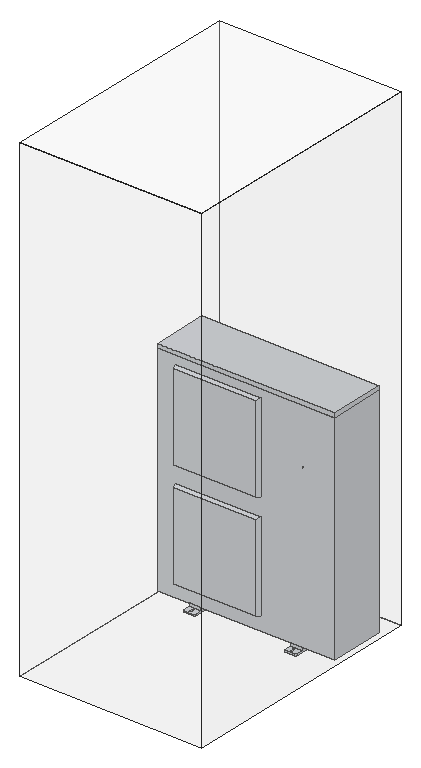
Revit family "pusy-fp80_280smh2_50hz", category 機械設備, Revit 2019
Family settings
  丸型コネクタ寸法 = 直径を使用
  パーツ タイプ = 標準
  OmniClass 番号 = 23.75.10.24.21.27.27
  OmniClass タイトル = Split System Air Conditioning Units
  作業面ベース = いいえ
  常に垂直 = はい
  ロード時にボイドで切り取り = いいえ
  共有 = いいえ
  部屋計算ポイント = いいえ
Parameters (values of type "室外機_PUSY-FP80SMH2(-BS,BSG)")
  音響パワーレベル（冷）(dB) = 70
  音響パワーレベル(dB) = 70
  電源種別 = ""
  電源位置Y = 2 mm
  電源位置Z = 985 mm
  電源位置X = 325 mm
  電圧 = 200 V
  電動機出力_送風機 = 0.12 kW
  電動機出力_圧縮機 = 1.7 kW
  集中コントローラ [instance] = ""
  運転質量 = 0.00 kg
  運転方法 = "冷暖切替"
  質量 = if(製品質量 > 運転質量, 製品質量, 運転質量) * 1.2  # 147.60 kg
  負荷分類 = 1_熱源類
  説明 = "空冷H/P PAC インバータ室外機"
  設計暖房能力 [instance] = 0 kW
  設計冷房能力_顕熱 [instance] = 0 kW
  設計冷房能力 [instance] = 0 kW
  設置方法 = "床置形"
  記号 [instance] = ""
  製造元 = "三菱電機株式会社"
  製品質量 = 123.00 kg
  製品出荷対象 = "国内"
  製品リリース年月 = "2022/9/15"
  製品グループ = ""
  系統 [instance] = ""
  符号 = "PAC"
  積算_科目 = "1 空気調和設備"
  積算_拾い区分 [instance] = ""
  相 = 1
  盤記号 [instance] = ""
  発停方法 = "付属スイッチ"
  特殊仕様 [instance] = ""
  消費電力_暖房 = 1.68 kW
  消費電力_冷房 = 1.48 kW
  消費電力 = if(消費電力_冷房 > 消費電力_暖房, 消費電力_冷房, 消費電力_暖房)  # 1.68 kW
  法定耐用年数 = "6"
  構成品番 = "PUSY-FP80SMH2 (-BS,-BSG)"
  極数 = 1
  材質 [instance] = ""
  本体マテリアル = none
  最小電線太さ_mm2 = 5.5
  最大電流値 = 27.5 A
  暖房能力 = 8 kW
  推奨ブレーカー容量 = 30 A
  据付ピッチ1 = 0 mm
  形式 = "パッケージ形 室外機"
  形名 = PUZ-ZRMP-3 : PUZ-ZRMP112KA11
  幹線記号 [instance] = ""
  始動方式 = "インバータ始動方式"
  呼称 = "パッケージ形空気調和機_室外機"
  周波数 = 50 Hz
  冷媒管（液）位置Z = 485 mm
  冷媒管位置Z_上面 = 565 mm
  冷媒管（ガス）位置Z = 420 mm
  冷媒液管_半径 = (冷媒液管径) / 2  # 4.76 mm
  冷媒ガス管_半径 = (冷媒ガス管径) / 2  # 7.94 mm
  価格 = 0
  ドレン　位置Z = 23 mm
  ドレン　位置Y = 11 mm
  ドレン　位置X = 480 mm
  アンカーボルト位置Y = 370 mm
  アンカーボルト位置X = 600 mm
  参照している仕様書等のバージョン = "公共建築物標準仕様書（機械設備工事編）平成31年度版"
  分類コード = "50053003126100"
  分類グループ = ""
  冷房能力 = 7.1 kW
  冷媒管（ガス）位置X = 483 mm
  冷媒管（液）位置X = 422 mm
  冷媒管（液）位置Y = 125 mm
  冷媒管（ガス）位置Y = 109 mm
  冷媒管長 [instance] = 0 mm
  冷媒管径符号 = "Bd"
  冷媒管径 = 100.00 mm
  冷媒管位置Z = 420 mm
  冷媒管位置Y = 111 mm
  冷媒管位置X = (冷媒管（液）位置X + 冷媒管（ガス）位置X) / 2  # 452.5 mm
  冷媒液管径 = 9.52 mm
  冷媒ガス管径 = 15.88 mm
  企業コード = "108420"
  付属品 [instance] = ""
  仕様書バージョン = "Version1.0"
  ユニット数 = 1
  ユニット3 = yes
  ユニット2 = yes
  Model = ""
  ドレン管径 = 33.00 mm
  サービススペース = yes
  コメント [instance] = ""
  ケーブル種類1 = ""
  【値が 0 の項目は組合せ形名にてご確認ください】 = ""
  Width = 1050 mm
  Version = ""
  Uniclass2015Version = "Systems v1.9"
  Uniclass2015Title = "Split coil remote air cooled condensing units"
  Uniclass2015Code = "Pr_70_65_03_84"
  URL = "https://www.mitsubishielectric.co.jp/ldg/wink/ssl/displayProduct.do?pid=321184"
  SpecificationReference = ""
  SpecificationDescription = ""
  Revision = ""
  ProductInformation = ""
  OmniClassCode = "23-33 17 13 11"
  IfcTypeProduct = ""
  IfcProduct = ""
  IfcExportType = "AIRCONDITIONINGUNIT"
  IfcExportAs = "IfcUnitaryEquipmentType"
  Height = 1338 mm
  Depth = 330 mm
  Clearance Top = 1500 mm
  Clearance Right = 15 mm
  Clearance Left = 15 mm
  Clearance Front = 1000 mm
  Clearance Bottom = 0 mm
  Clearance Back = 150 mm
  COP = 0
  Author = "三菱電機株式会社"
  APF = 0
Reference planes
  plane 1 "中心(正面/背面)": y = 74
  plane 2: z = 0
  plane 3 "中心(左/右)": x = 830
  plane 4 "右": x = 1355
  plane 5 "左": x = 305
  plane 6 "背面": y = 239
  plane 7 "正面": y = -91
  plane 8 "上部": z = 1338
  plane 9 "Clearanse Top": z = 2838
  plane 10 "SS_back": y = 389
  plane 11 "SS_front": y = -1091
  plane 12 "SS_left": x = 290
  plane 13 "SS_right": x = 1370
  plane 14: z = 0
  plane 15: y = -89
  plane 16: x = 1155
  plane 17: z = 985
  plane 18: x = 1282.5
  plane 19: y = 63
  plane 20: x = 350
  plane 21: z = 25
  plane 22: z = 23
  plane 23: x = 530
  plane 24: x = 1130
  plane 25: y = 259
  plane 26: y = -111
  plane 27: x = 1313
  plane 28: x = 1252
  plane 29 "ガス管": z = 420
  plane 30 "液管": z = 485
  plane 31: y = -51
  plane 32: y = -35
  plane 33 "冷媒管": z = 420
  plane 34: y = -37
  plane 35: z = 565
Forms (mm)
  Extrusion 1, solid, detail levels fine
    sketch origin (0, -91, 0) x (1, 0, 0) y (0, 0, 1)
      loop
        circle (1155, 985) r 13.5
    from -12 to -2
  Extrusion 2, solid, detail levels fine
    sketch origin (-1437.329, -1524, 54) x (-1, 0, 0) y (0, -1, 0)
      loop
        circle (-1787.329, -1587) r 16.5
    from -31 to -29
  Extrusion 3, solid, detail levels fine
    sketch origin (0, 0, 485) x (-1, 0, 0) y (0, -1, 0)
      loop
        circle (-1252, 51) r 4.76
    from 0 to 80
  Extrusion 4, solid, detail levels fine
    sketch origin (0, 0, 420) x (-1, 0, 0) y (0, -1, 0)
      loop
        circle (-1313, 35) r 7.94
    from 0 to 100
  Extrusion 5, solid, detail levels fine
    sketch origin (0, 0, 420) x (-1, 0, 0) y (0, -1, 0)
      loop
        circle (-1282.5, 37) r 50
    from 0 to 145
Lines and regions (mm)
  model lines, not visible
    curve 1: line (460, 178.667, 1289.179) -> (460, 297.73, 1289.179)
    curve 2: line (460, 178.667, 1056.056) -> (460, 178.667, 1289.179)
    curve 3: line (460, 297.73, 1056.056) -> (460, 178.667, 1056.056)
    curve 4: line (460, 297.73, 1289.179) -> (460, 297.73, 1056.056)
    curve 5: line (460, 47.598, 1289.179) -> (460, 166.661, 1289.179)
    curve 6: line (460, 47.598, 1056.056) -> (460, 47.598, 1289.179)
    curve 7: line (460, 166.661, 1056.056) -> (460, 47.598, 1056.056)
    curve 8: line (460, 166.661, 1289.179) -> (460, 166.661, 1056.056)
    curve 9: line (460, -83.471, 1289.179) -> (460, 35.592, 1289.179)
    curve 10: line (460, -83.471, 1056.056) -> (460, -83.471, 1289.179)
    curve 11: line (460, 35.592, 1056.056) -> (460, -83.471, 1056.056)
    curve 12: line (460, 35.592, 1289.179) -> (460, 35.592, 1056.056)
    curve 13: line (460, -150.779, 1289.179) -> (460, -95.75, 1289.179)
    curve 14: line (460, -150.779, 1056.056) -> (460, -150.779, 1289.179)
    curve 15: line (460, -95.75, 1056.056) -> (460, -150.779, 1056.056)
    curve 16: line (460, -95.75, 1289.179) -> (460, -95.75, 1056.056)
    curve 17: line (460, -150.779, 1283.175) -> (460, -132.596, 1283.175)
    curve 18: line (460, -150.779, 1062.059) -> (460, -150.779, 1283.175)
    curve 19: line (460, -132.596, 1062.059) -> (460, -150.779, 1062.059)
    curve 20: line (460, -132.596, 1283.175) -> (460, -132.596, 1062.059)
    curve 21: line (460, 178.667, 1046.051) -> (460, 297.73, 1046.051)
    curve 22: line (460, 178.667, 812.928) -> (460, 178.667, 1046.051)
    curve 23: line (460, 297.73, 812.928) -> (460, 178.667, 812.928)
    curve 24: line (460, 297.73, 1046.051) -> (460, 297.73, 812.928)
    curve 25: line (460, 47.598, 1046.051) -> (460, 166.661, 1046.051)
    curve 26: line (460, 47.598, 812.928) -> (460, 47.598, 1046.051)
    curve 27: line (460, 166.661, 812.928) -> (460, 47.598, 812.928)
    curve 28: line (460, 166.661, 1046.051) -> (460, 166.661, 812.928)
    curve 29: line (460, -83.471, 1046.051) -> (460, 35.592, 1046.051)
    curve 30: line (460, -83.471, 812.928) -> (460, -83.471, 1046.051)
    curve 31: line (460, 35.592, 812.928) -> (460, -83.471, 812.928)
    curve 32: line (460, 35.592, 1046.051) -> (460, 35.592, 812.928)
    curve 33: line (460, -150.779, 1046.051) -> (460, -95.75, 1046.051)
    curve 34: line (460, -150.779, 812.928) -> (460, -150.779, 1046.051)
    curve 35: line (460, -95.75, 812.928) -> (460, -150.779, 812.928)
    curve 36: line (460, -95.75, 1046.051) -> (460, -95.75, 812.928)
    curve 37: line (460, -150.779, 1040.048) -> (460, -132.596, 1040.048)
    curve 38: line (460, -150.779, 818.931) -> (460, -150.779, 1040.048)
    curve 39: line (460, -132.596, 818.931) -> (460, -150.779, 818.931)
    curve 40: line (460, -132.596, 1040.048) -> (460, -132.596, 818.931)
    curve 41: line (460, 178.667, 802.923) -> (460, 297.73, 802.923)
    curve 42: line (460, 178.667, 569.8) -> (460, 178.667, 802.923)
    curve 43: line (460, 297.73, 569.8) -> (460, 178.667, 569.8)
    curve 44: line (460, 297.73, 802.923) -> (460, 297.73, 569.8)
    curve 45: line (460, 47.598, 802.923) -> (460, 166.661, 802.923)
    curve 46: line (460, 47.598, 569.8) -> (460, 47.598, 802.923)
    curve 47: line (460, 166.661, 569.8) -> (460, 47.598, 569.8)
    curve 48: line (460, 166.661, 802.923) -> (460, 166.661, 569.8)
    curve 49: line (460, -83.471, 802.923) -> (460, 35.592, 802.923)
    curve 50: line (460, -83.471, 569.8) -> (460, -83.471, 802.923)
    curve 51: line (460, 35.592, 569.8) -> (460, -83.471, 569.8)
    curve 52: line (460, 35.592, 802.923) -> (460, 35.592, 569.8)
    curve 53: line (460, -150.779, 802.923) -> (460, -95.75, 802.923)
    curve 54: line (460, -150.779, 569.8) -> (460, -150.779, 802.923)
    curve 55: line (460, -95.75, 569.8) -> (460, -150.779, 569.8)
    curve 56: line (460, -95.75, 802.923) -> (460, -95.75, 569.8)
    curve 57: line (460, -150.779, 796.92) -> (460, -132.596, 796.92)
    curve 58: line (460, -150.779, 575.803) -> (460, -150.779, 796.92)
    curve 59: line (460, -132.596, 575.803) -> (460, -150.779, 575.803)
    curve 60: line (460, -132.596, 796.92) -> (460, -132.596, 575.803)
    curve 61: line (460, 178.667, 559.795) -> (460, 297.73, 559.795)
    curve 62: line (460, 178.667, 326.672) -> (460, 178.667, 559.795)
    curve 63: line (460, 297.73, 326.672) -> (460, 178.667, 326.672)
    curve 64: line (460, 297.73, 559.795) -> (460, 297.73, 326.672)
    curve 65: line (460, 47.598, 559.795) -> (460, 166.661, 559.795)
    curve 66: line (460, 47.598, 326.672) -> (460, 47.598, 559.795)
    curve 67: line (460, 166.661, 326.672) -> (460, 47.598, 326.672)
    curve 68: line (460, 166.661, 559.795) -> (460, 166.661, 326.672)
    curve 69: line (460, -83.471, 559.795) -> (460, 35.592, 559.795)
    curve 70: line (460, -83.471, 326.672) -> (460, -83.471, 559.795)
    curve 71: line (460, 35.592, 326.672) -> (460, -83.471, 326.672)
    curve 72: line (460, 35.592, 559.795) -> (460, 35.592, 326.672)
    curve 73: line (460, -150.779, 559.795) -> (460, -95.75, 559.795)
    curve 74: line (460, -150.779, 326.672) -> (460, -150.779, 559.795)
    curve 75: line (460, -95.75, 326.672) -> (460, -150.779, 326.672)
    curve 76: line (460, -95.75, 559.795) -> (460, -95.75, 326.672)
    curve 77: line (460, -150.779, 553.792) -> (460, -132.596, 553.792)
    curve 78: line (460, -150.779, 332.675) -> (460, -150.779, 553.792)
    curve 79: line (460, -132.596, 332.675) -> (460, -150.779, 332.675)
    curve 80: line (460, -132.596, 553.792) -> (460, -132.596, 332.675)
    curve 81: line (460, 178.667, 316.667) -> (460, 297.73, 316.667)
    curve 82: line (460, 178.667, 83.544) -> (460, 178.667, 316.667)
    curve 83: line (460, 297.73, 83.544) -> (460, 178.667, 83.544)
    curve 84: line (460, 297.73, 316.667) -> (460, 297.73, 83.544)
    curve 85: line (460, 47.598, 316.667) -> (460, 166.661, 316.667)
    curve 86: line (460, 47.598, 83.544) -> (460, 47.598, 316.667)
    curve 87: line (460, 166.661, 83.544) -> (460, 47.598, 83.544)
    curve 88: line (460, 166.661, 316.667) -> (460, 166.661, 83.544)
    curve 89: line (460, -83.471, 316.667) -> (460, 35.592, 316.667)
    curve 90: line (460, -83.471, 83.544) -> (460, -83.471, 316.667)
    curve 91: line (460, 35.592, 83.544) -> (460, -83.471, 83.544)
    curve 92: line (460, 35.592, 316.667) -> (460, 35.592, 83.544)
    curve 93: line (460, -150.779, 316.667) -> (460, -95.75, 316.667)
    curve 94: line (460, -150.779, 83.544) -> (460, -150.779, 316.667)
    curve 95: line (460, -95.75, 83.544) -> (460, -150.779, 83.544)
    curve 96: line (460, -95.75, 316.667) -> (460, -95.75, 83.544)
    curve 97: line (460, -150.779, 310.664) -> (460, -132.596, 310.664)
    curve 98: line (460, -150.779, 89.547) -> (460, -150.779, 310.664)
    curve 99: line (460, -132.596, 89.547) -> (460, -150.779, 89.547)
    curve 100: line (460, -132.596, 310.664) -> (460, -132.596, 89.547)
Dimensions and locks
  equal spacing: plane 7 "正面", plane 1 "中心(正面/背面)", plane 6 "背面"
  "Depth": plane 7 "正面" to plane 6 "背面"
  "Width": plane 5 "左" to plane 4 "右"
  equal spacing: plane 5 "左", plane 3 "中心(左/右)", plane 4 "右"
  "Clearance Left": plane 12 "SS_left" to plane 5 "左"
  "Clearance Right": plane 4 "右" to plane 13 "SS_right"
  "Clearance Back": plane 6 "背面" to plane 10 "SS_back"
  "Clearance Front": plane 11 "SS_front" to plane 7 "正面"
  "Height": plane 8 "上部" to level
  "Clearance Top": plane 9 "Clearanse Top" to plane 8 "上部"
  "Clearance Bottom": level to plane 14
  "電源位置X": plane 3 "中心(左/右)" to plane 16
  "電源位置Y": plane 7 "正面" to plane 15
  "電源位置Z": plane 17 to level
  "冷媒管位置X": plane 3 "中心(左/右)" to plane 18
  locked: plane 21 to plane 22 at 2
  equal spacing: plane 26, plane 1 "中心(正面/背面)", plane 25
  "アンカーボルト位置Y": plane 26 to plane 25
  equal spacing: plane 23, plane 3 "中心(左/右)", plane 24
  "アンカーボルト位置X": plane 23 to plane 24
  plane 28 to plane 27 = 61 mm
  "冷媒管（液）位置X": nested 1 to plane 28
  "冷媒管（ガス）位置X": nested 1 to plane 27
  "ドレン　位置Y": plane 19 to plane 1 "中心(正面/背面)"
  "ドレン　位置X": plane 20 to nested 1
  plane 25 to nested 2 = 19 mm
  nested 2 to plane 7 "正面" = 25 mm
  plane 5 "左" to plane 23 = 225 mm
  nested 2 to plane 26 = 28 mm
  nested 2 to nested 2 = 417 mm
  plane 7 "正面" to plane 19 = 154 mm
  plane 7 "正面" to plane 31 = 40 mm
  plane 7 "正面" to plane 32 = 56 mm
  plane 28 to plane 18 to plane 27 = 30.5 mm, 30.5 mm
  "冷媒管（ガス）位置Y": plane 32 to plane 1 "中心(正面/背面)"
  "冷媒管（液）位置Y": plane 31 to plane 1 "中心(正面/背面)"
  "冷媒管（ガス）位置Z": plane 29 "ガス管" to level
  "冷媒管（液）位置Z": plane 30 "液管" to level
  "冷媒管位置Z": plane 33 "冷媒管" to level
  "冷媒管位置Y": plane 34 to plane 1 "中心(正面/背面)"
  "冷媒管位置Z_上面": plane 35 to level
  radius of Extrusion 1 sketch curve = 13.5 mm
  "ドレン管径": diameter of Extrusion 2 sketch curve
  "冷媒液管_半径": radius of Extrusion 3 sketch curve
  "冷媒ガス管_半径": radius of Extrusion 4 sketch curve
  aligned and locked: level to plane 2
  aligned and locked: plane 10 "SS_back" to nested 1  (x2)
  aligned and locked: plane 13 "SS_right" to nested 1
  aligned and locked: plane 12 "SS_left" to nested 1  (x2)
  aligned and locked: nested 1 to plane 13 "SS_right"
  aligned and locked: plane 11 "SS_front" to nested 1
  aligned and locked: plane 9 "Clearanse Top" to nested 1
  aligned and locked: plane 1 "中心(正面/背面)" to nested 2
  aligned and locked: plane 3 "中心(左/右)" to nested 2
  aligned and locked: plane 14 to nested 1
  aligned and locked: plane 17 to Extrusion 1 sketch curve
  aligned and locked: plane 16 to Extrusion 1 sketch curve
  aligned and locked: plane 15 to Extrusion 1
  aligned and locked: plane 20 to Extrusion 2 sketch curve
  aligned and locked: plane 19 to Extrusion 2 sketch curve
  aligned and locked: plane 21 to Extrusion 2
  aligned and locked: Extrusion 2 to plane 22
  aligned and locked: plane 23 to nested 3
  aligned and locked: plane 25 to nested 3
  aligned and locked: Extrusion 4 to plane 29 "ガス管"
  aligned and locked: Extrusion 3 to plane 30 "液管"
  aligned and locked: Extrusion 5 to plane 33 "冷媒管"
  aligned and locked: plane 35 to Extrusion 5
Automatic sketch dimensions
  Extrusion 5 sketch curve to plane 18 = 0 mm
  plane 34 to Extrusion 5 sketch curve = 0 mm
  Extrusion 3 sketch curve to plane 28 = 0 mm
  plane 31 to Extrusion 3 sketch curve = 0 mm
  Extrusion 4 sketch curve to plane 27 = 0 mm
  plane 32 to Extrusion 4 sketch curve = 0 mm
  radius of Extrusion 5 sketch curve = 50 mm
Nested families
  nested 1: "サービススペース" at (830, -351, 1419), visible <- "サービススペース", type "サービススペース"
    with Width 1080 mm, Height 2838 mm, Depth 1480 mm
  nested 2: "PUZ-ZRMP-3" at (830, 74, 0), type <- "形名", type "PUZ-ZRMP112KA11"
  nested 3: "固定点" at (530, -111, 0), type "固定点"
    with W 600 mm, D 370 mm
Connectors
  electrical at (1155, -89, 985), driven by "極数", driven by "負荷分類", driven by "電圧", driven by "消費電力"
    settings: on Extrusion 1, index 2, voltage 200 V, apparent load 1680 VA, apparent load phase1 0 VA, apparent load phase2 0 VA, apparent load phase3 0 VA, power factor 1, load classification "1_熱源類", number of poles 1, system type 30, power factor state 1, is connector primary yes, connector utility no, sub classification motor no, connector description ""
  piping at (1282.5, -37, 420), diameter 100, driven by "冷媒管径"
    settings: on Extrusion 5, index 3, connector inside diameter 609.60 mm, connector length 0 mm, flow factor 0, pipe flow 0.0 L/s, pressure drop 0.0 Pa, fitting loss kfactor 0, connector angle 0.00°, fixture units 0, engagement length 0 mm, angle of deflection 0.00°, flow configuration 1, flow direction 2, fitting loss method 4, system type 7, joint type 0, gender type 0, connector reference index -1, connector utility 0, adjustable connector no, is connector primary yes, connector description "Bd"
Definition of nested family "サービススペース"
  Parameters (values of type "サービススペース")
    Width [instance] = 500 mm
    Height [instance] = 500 mm
    Depth [instance] = 500 mm
  Reference planes
    plane 1 "中心(正面/背面)": y = 0
    plane 2: z = 0
    plane 3 "中心(左/右)": x = 0
    plane 4: y = -250
    plane 5: x = 250
    plane 6: y = 250
    plane 7: x = -250
    plane 8: z = 250
    plane 9: z = -250
  Forms (mm)
    Extrusion 1, solid
      sketch origin (-638.939, 0, 72.39) x (1, 0, 0) y (0, 1, 0)
        loop
          line (388.939, 250) -> (388.939, -250) -> (888.939, -250) -> (888.939, 250) -> (388.939, 250)
      from -322.39 to 177.61
  Lines and regions (mm)
    symbolic lines
      curve 1: line (-250, 0, 250) -> (250, 0, 250)
      curve 2: line (-250, 0, -250) -> (-250, 0, 250)
      curve 3: line (250, 0, -250) -> (-250, 0, -250)
      curve 4: line (250, 0, 250) -> (250, 0, -250)
      curve 5: line (0, -250, 250) -> (0, 250, 250)
      curve 6: line (0, -250, -250) -> (0, -250, 250)
      curve 7: line (0, 250, -250) -> (0, -250, -250)
      curve 8: line (0, 250, 250) -> (0, 250, -250)
      curve 9: line (-250, 250, 0) -> (250, 250, 0)
      curve 10: line (-250, -250, 0) -> (-250, 250, 0)
      curve 11: line (250, -250, 0) -> (-250, -250, 0)
      curve 12: line (250, 250, 0) -> (250, -250, 0)
  Dimensions and locks
    equal spacing: plane 7, plane 3 "中心(左/右)", plane 5
    equal spacing: plane 4, plane 1 "中心(正面/背面)", plane 6
    "Depth": plane 4 to plane 6
    "Width": plane 7 to plane 5
    equal spacing: plane 8, plane 2, plane 9
    "Height": plane 8 to plane 9
    aligned and locked: plane 9 to curve 3
    aligned and locked: plane 7 to curve 2
    aligned and locked: curve 4 to plane 5
    aligned and locked: plane 5 to Extrusion 1
    aligned and locked: Extrusion 1 to plane 7
    aligned and locked: Extrusion 1 to plane 9
    aligned and locked: plane 8 to Extrusion 1
    aligned and locked: plane 9 to curve 7
  Automatic sketch dimensions
    plane 4 to Extrusion 1 sketch curve = 0 mm
    Extrusion 1 sketch curve to plane 7 = 0 mm
    Extrusion 1 sketch curve to plane 5 = 0 mm
    plane 6 to Extrusion 1 sketch curve = 0 mm
    curve 2 to plane 8 = 0 mm
    plane 4 to curve 11 = 0 mm
    curve 11 to plane 7 = 0 mm
    curve 11 to plane 5 = 0 mm
    plane 6 to curve 10 = 0 mm
    curve 7 to plane 4 = 0 mm
    curve 7 to plane 6 = 0 mm
    curve 6 to plane 8 = 0 mm
Definition of nested family "PUZ-ZRMP-3"
  Parameters (values of type "PUZ-ZRMP112KA11")
    配線取出口サイズ = 27 mm
    配線取出口-Z = 1063 mm
    配線取出口-Y = 325 mm
    配線取出口-X = 325 mm
    液配管サイズ = 100 mm
    高さ = 1338 mm
    換気-W = 362 mm
    換気-H2 = 632 mm
    換気-H1 = 369 mm
    換気-D = 25 mm
    奥行き = 330 mm
    吊りボルト_H = 0 mm
    吊りボルト-φ = 12 mm
    冷媒配管サイズ = 9.52 mm
    冷媒液管径-Z = 485 mm
    冷媒液管径-Y = 290 mm
    冷媒液管径-X = 422 mm
    冷媒ガス管径-Z = 420 mm
    冷媒ガス管径-Y = 234 mm
    冷媒ガス管径-X = 483 mm
    吊りボルト-W = 600 mm
    マテリアル = none
    ドレン配管サイズ = 33 mm
    ドレン管径-Z = 0 mm
    ドレン管径-Y = 154 mm
    ドレン管径-X = 480 mm
    タイプ3 = yes
    タイプ2 = no
    タイプ1 = no
    ガス配管サイズ = 15.88 mm
    吊りボルト-D = 370 mm
    幅さ = 1050 mm
    a = 幅さ / 2  # 525 mm
  Types (3, lengths in mm): name | 冷媒配管サイズ | 冷媒液管径-Z | 冷媒液管径-X | 冷媒ガス管径-Z | 冷媒ガス管径-Y | 冷媒ガス管径-X | ガス配管サイズ
    PUZ-ZRMP112KA11 | 9.52 | 485 | 422 | 420 | 234 | 483 | 15.88
    PUZ-ZRMP224KA | 19.05 | 450 | 423 | 337 | 236 | 479 | 25.4
    PUZ-ZRMP280KA | 19.05 | 424 | 423 | 337 | 236 | 479 | 25.4
  Reference planes
    plane 1 "中心(正面/背面)": y = 0
    plane 2: z = 0
    plane 3 "中心(左/右)": x = 0
    plane 4: z = 1338
    plane 5: x = -525
    plane 6: x = 525
    plane 7: y = 165
    plane 8: y = -165
    plane 9: x = 587
    plane 10: y = -105
    plane 11: y = 5
    plane 12: z = 1313
    plane 13: x = -545
    plane 14: x = -300
    plane 15: x = 300
    plane 16: y = 185
    plane 17: y = -185
    plane 18: x = 335
    plane 19: x = 265
    plane 20: x = -265
    plane 21: x = -335
    plane 22: y = 204
    plane 23: z = 8.5
    plane 24: z = 25
    plane 25: z = 23
    plane 26: z = 1333
    plane 27: y = -40
    plane 28: y = 40
    plane 29: y = -30
    plane 30: y = 30
    plane 31: z = 1318
    plane 32: z = 55
    plane 33: z = 225
    plane 34: z = 570
    plane 35: x = 535
    plane 36: x = 556
    plane 37: y = -190
    plane 38: x = -163
    plane 39: z = 369
    plane 40: x = 91
    plane 41: x = -417
    plane 42: z = 633
    plane 43: z = 105
    plane 44: x = -407
    plane 45: x = 81
    plane 46: z = 623
    plane 47: z = 115
    plane 48: y = 115
    plane 49: y = -115
    plane 50: x = -480
    plane 51: y = -11
    plane 52: x = 325
    plane 53: y = -160
    plane 54: y = -125
    plane 55: y = -69
    plane 56: z = 1063
    plane 57: y = -110
    plane 58: y = -97
    plane 59 "グループ": x = -525
    plane 60: z = 1338
    plane 61: z = 943
    plane 62: z = 1001
    plane 63: z = 1265
    plane 64: z = 737
    plane 65: z = 1255
    plane 66: z = 747
    plane 67: y = 125
    plane 68: x = -370
    plane 69: x = -210
    plane 70: x = -50
    plane 71: x = 110
    plane 72: y = -213
  Forms (mm)
    Extrusion 1, solid, visible <- "タイプ3", detail levels fine
      sketch origin (-1437.329, -1524, 1338) x (-1, 0, 0) y (0, -1, 0)
        loop
          line (-1102.329, -1689) -> (-1102.329, -1359) -> (-1172.329, -1359) -> (-1172.329, -1689) -> (-1102.329, -1689)
        loop
          line (-1702.329, -1689) -> (-1702.329, -1359) -> (-1772.329, -1359) -> (-1772.329, -1689) -> (-1702.329, -1689)
      from -1338 to -1313
    Extrusion 2, solid, material <- "マテリアル", visible <- "タイプ3", detail levels fine
      sketch origin (-1437.329, -1524, 1338) x (-1, 0, 0) y (0, -1, 0)
        loop
          line (-1962.329, -1689) -> (-912.329, -1689) -> (-912.329, -1359) -> (-1962.329, -1359) -> (-1962.329, -1689)
      from -1313 to -25
    Extrusion 3, solid, material <- "マテリアル", visible <- "タイプ3", detail levels fine
      sketch origin (-1437.329, -1524, 1338) x (-1, 0, 0) y (0, -1, 0)
        loop
          line (-912.329, -1689) -> (-912.329, -1359) -> (-1962.329, -1359) -> (-1962.329, -1689) -> (-912.329, -1689)
      from -25 to 0
    Blend 4, solid, material <- "マテリアル", visible <- "タイプ3", detail levels fine
      base sketch origin (0, 0, 0) x (1, 0, 0) y (0, 0, 1)
        loop
          line (-417, 633) -> (-417, 105) -> (91, 105) -> (91, 633) -> (-417, 633)
      top sketch origin (0, 0, 0) x (1, 0, 0) y (0, 0, 1)
        loop
          line (-407, 623) -> (-407, 115) -> (81, 115) -> (81, 623) -> (-407, 623)
      from 165 to 190
    Blend 5, solid, material <- "マテリアル", visible <- "タイプ3", detail levels fine
      base sketch origin (1480.036, -190, 1200) x (1, 0, 0) y (0, 0, 1)
        loop
          line (-1897.036, 65) -> (-1897.036, -463) -> (-1389.036, -463) -> (-1389.036, 65) -> (-1897.036, 65)
      top sketch origin (1480.036, -190, 1200) x (1, 0, 0) y (0, 0, 1)
        loop
          line (-1887.036, 55) -> (-1887.036, -453) -> (-1399.036, -453) -> (-1399.036, 55) -> (-1887.036, 55)
      from -25 to 0
    Extrusion 6, solid, visible <- "タイプ3", detail levels fine
      sketch origin (-1437.329, -1524, 1338) x (-1, 0, 0) y (0, -1, 0)
        loop
          line (-1102.329, -1728) -> (-1102.329, -1689) -> (-1172.329, -1689) -> (-1172.329, -1728) -> (-1143.329, -1728) -> (-1143.329, -1709)
          arc (-1143.329, -1709) -> (-1137.329, -1703) -> (-1131.329, -1709) r 6
          line (-1131.329, -1709) -> (-1131.329, -1728) -> (-1102.329, -1728)
        loop
          line (-1102.329, -1359) -> (-1102.329, -1316)
          arc (-1102.329, -1316) -> (-1103.794, -1312.464) -> (-1107.329, -1311) r 5
          line (-1107.329, -1311) -> (-1167.329, -1311)
          arc (-1167.329, -1311) -> (-1170.865, -1312.464) -> (-1172.329, -1316) r 5
          line (-1172.329, -1316) -> (-1172.329, -1359) -> (-1102.329, -1359)
        loop
          arc (-1143.329, -1339) -> (-1137.329, -1345) -> (-1131.329, -1339) r 6
          line (-1131.329, -1339) -> (-1131.329, -1324)
          arc (-1131.329, -1324) -> (-1137.329, -1318) -> (-1143.329, -1324) r 6
          line (-1143.329, -1324) -> (-1143.329, -1339)
        loop
          line (-1772.329, -1728) -> (-1743.329, -1728) -> (-1743.329, -1709)
          arc (-1743.329, -1709) -> (-1737.329, -1703) -> (-1731.329, -1709) r 6
          line (-1731.329, -1709) -> (-1731.329, -1728) -> (-1702.329, -1728) -> (-1702.329, -1689) -> (-1772.329, -1689) -> (-1772.329, -1728)
        loop
          line (-1772.329, -1359) -> (-1702.329, -1359) -> (-1702.329, -1316)
          arc (-1702.329, -1316) -> (-1703.794, -1312.464) -> (-1707.329, -1311) r 5
          line (-1707.329, -1311) -> (-1767.329, -1311)
          arc (-1767.329, -1311) -> (-1770.865, -1312.464) -> (-1772.329, -1316) r 5
          line (-1772.329, -1316) -> (-1772.329, -1359)
        loop
          line (-1731.329, -1339) -> (-1731.329, -1324)
          arc (-1731.329, -1324) -> (-1737.329, -1318) -> (-1743.329, -1324) r 6
          line (-1743.329, -1324) -> (-1743.329, -1339)
          arc (-1743.329, -1339) -> (-1737.329, -1345) -> (-1731.329, -1339) r 6
      from -1338 to -1329.5
    Extrusion 7, solid, material <- "マテリアル", visible <- "タイプ3", detail levels fine
      sketch origin (-1437.329, -1524, 1338) x (-1, 0, 0) y (0, -1, 0)
        loop
          circle (-957.329, -1513) r 16.5
        loop
          circle (-1067.329, -1649) r 16.5
        loop
          circle (-1227.329, -1649) r 16.5
        loop
          circle (-1387.329, -1649) r 16.5
        loop
          circle (-1547.329, -1649) r 16.5
      from -1315 to -1313
  Cuts and joins
    joined: Extrusion 1, Extrusion 6
  Lines and regions (mm)
    Masking region 1, visible <- "タイプ3", detail levels coarse+medium
      outline origin (-1437.329, -1524, 1338) x (-1, 0, 0) y (0, -1, 0)
        loop
          line (-1962.329, -1689) -> (-1772.329, -1689) -> (-1772.329, -1728) -> (-1702.329, -1728) -> (-1702.329, -1689) -> (-1172.329, -1689) -> (-1172.329, -1728) -> (-1102.329, -1728) -> (-1102.329, -1689) -> (-912.329, -1689) -> (-912.329, -1359) -> (-1020.329, -1359) -> (-1030.329, -1334) -> (-1102.329, -1334) -> (-1102.329, -1311) -> (-1172.329, -1311) -> (-1172.329, -1334) -> (-1518.329, -1334) -> (-1528.329, -1359) -> (-1702.329, -1359) -> (-1702.329, -1311) -> (-1772.329, -1311) -> (-1772.329, -1359) -> (-1962.329, -1359) -> (-1962.329, -1689)
    model lines, visible <- "タイプ3", detail levels fine
      curve 1: line (446.5, 115, 1338) -> (-445, 115, 1338)
      curve 2: line (-445, -115, 1338) -> (446.5, -115, 1338)
      curve 3: line (-445, -45, 1338) -> (446.5, -45, 1338)
      curve 4: line (446.5, 45, 1338) -> (-445, 45, 1338)
      curve 5: line (-445, -35, 1338) -> (446.5, -35, 1338)
      curve 6: line (446.5, 35, 1338) -> (-445, 35, 1338)
      curve 7: line (-445, 115, 1338) -> (-445, 45, 1338)
      curve 8: line (446.5, -115, 1338) -> (446.5, -45, 1338)
      curve 9: line (-445, 35, 1338) -> (-445, -35, 1338)
      curve 10: line (-445, -45, 1338) -> (-445, -115, 1338)
      curve 11: line (446.5, -35, 1338) -> (446.5, 35, 1338)
      curve 12: line (446.5, 45, 1338) -> (446.5, 115, 1338)
      curve 13: line (479, -115, 1338) -> (479, 115, 1338)
      curve 14: line (461.5, -115, 1338) -> (461.5, 115, 1338)
      curve 15: line (-475, 115, 1338) -> (-475, -115, 1338)
      curve 16: line (-460, 115, 1338) -> (-460, -115, 1338)
      curve 17: line (-460, 115, 1338) -> (-475, 115, 1338)
      curve 18: line (-460, -115, 1338) -> (-475, -115, 1338)
      curve 19: line (461.5, 115, 1338) -> (479, 115, 1338)
      curve 20: line (461.5, -115, 1338) -> (479, -115, 1338)
      curve 21: line (-407, -190, 416.5) -> (81, -190, 416.5)
      curve 22: line (81, -190, 321.5) -> (-407, -190, 321.5)
      curve 23: line (-407, -190, 511.5) -> (81, -190, 511.5)
      curve 24: line (-407, -190, 606.5) -> (81, -190, 606.5)
      curve 25: line (81, -190, 226.5) -> (-407, -190, 226.5)
      curve 26: line (81, -190, 131.5) -> (-407, -190, 131.5)
      curve 27: line (-389.571, -190, 623) -> (-389.571, -190, 115)
      curve 28: line (63.571, -190, 115) -> (63.571, -190, 623)
      curve 29: line (-372.143, -190, 623) -> (-372.143, -190, 115)
      curve 30: line (-354.714, -190, 623) -> (-354.714, -190, 115)
      curve 31: line (-337.286, -190, 623) -> (-337.286, -190, 115)
      curve 32: line (-319.857, -190, 623) -> (-319.857, -190, 115)
      curve 33: line (-302.429, -190, 623) -> (-302.429, -190, 115)
      curve 34: line (-285, -190, 623) -> (-285, -190, 115)
      curve 35: line (-267.571, -190, 623) -> (-267.571, -190, 115)
      curve 36: line (-250.143, -190, 623) -> (-250.143, -190, 115)
      curve 37: line (-232.714, -190, 623) -> (-232.714, -190, 115)
      curve 38: line (-215.286, -190, 623) -> (-215.286, -190, 115)
      curve 39: line (-197.857, -190, 623) -> (-197.857, -190, 115)
      curve 40: line (-180.429, -190, 623) -> (-180.429, -190, 115)
      curve 41: line (-163, -190, 623) -> (-163, -190, 115)
      curve 42: line (-145.571, -190, 623) -> (-145.571, -190, 115)
      curve 43: line (-128.143, -190, 623) -> (-128.143, -190, 115)
      curve 44: line (-110.714, -190, 623) -> (-110.714, -190, 115)
      curve 45: line (-93.286, -190, 623) -> (-93.286, -190, 115)
      curve 46: line (-75.857, -190, 623) -> (-75.857, -190, 115)
      curve 47: line (-58.429, -190, 623) -> (-58.429, -190, 115)
      curve 48: line (-41, -190, 623) -> (-41, -190, 115)
      curve 49: line (-23.571, -190, 623) -> (-23.571, -190, 115)
      curve 50: line (-6.143, -190, 623) -> (-6.143, -190, 115)
      curve 51: line (11.286, -190, 623) -> (11.286, -190, 115)
      curve 52: line (28.714, -190, 623) -> (28.714, -190, 115)
      curve 53: line (46.143, -190, 623) -> (46.143, -190, 115)
      curve 54: line (-525, -100, 87) -> (-525, -60, 87)
      curve 55: line (-525, -100, 277) -> (-525, -100, 87)
      curve 56: line (-525, -60, 277) -> (-525, -100, 277)
      curve 57: line (-525, -60, 87) -> (-525, -60, 277)
      curve 58: line (-525, -100, 292) -> (-525, -60, 292)
      curve 59: line (-525, -100, 482) -> (-525, -100, 292)
      curve 60: line (-525, -60, 482) -> (-525, -100, 482)
      curve 61: line (-525, -60, 292) -> (-525, -60, 482)
      curve 62: line (-525, -100, 497) -> (-525, -60, 497)
      curve 63: line (-525, -100, 687) -> (-525, -100, 497)
      curve 64: line (-525, -60, 687) -> (-525, -100, 687)
      curve 65: line (-525, -60, 497) -> (-525, -60, 687)
      curve 66: line (-525, -100, 702) -> (-525, -60, 702)
      curve 67: line (-525, -100, 892) -> (-525, -100, 702)
      curve 68: line (-525, -60, 892) -> (-525, -100, 892)
      curve 69: line (-525, -60, 702) -> (-525, -60, 892)
      curve 70: line (-525, 60, 87) -> (-525, 100, 87)
      curve 71: line (-525, 60, 277) -> (-525, 60, 87)
      curve 72: line (-525, 100, 277) -> (-525, 60, 277)
      curve 73: line (-525, 100, 87) -> (-525, 100, 277)
      curve 74: line (-525, -46.667, 87) -> (-525, -6.667, 87)
      curve 75: line (-525, -46.667, 277) -> (-525, -46.667, 87)
      curve 76: line (-525, -6.667, 277) -> (-525, -46.667, 277)
      curve 77: line (-525, -6.667, 87) -> (-525, -6.667, 277)
      curve 78: line (-525, 6.667, 87) -> (-525, 46.667, 87)
      curve 79: line (-525, 6.667, 277) -> (-525, 6.667, 87)
      curve 80: line (-525, 46.667, 277) -> (-525, 6.667, 277)
      curve 81: line (-525, 46.667, 87) -> (-525, 46.667, 277)
      curve 82: line (-525, 60, 292) -> (-525, 100, 292)
      curve 83: line (-525, 60, 482) -> (-525, 60, 292)
      curve 84: line (-525, 100, 482) -> (-525, 60, 482)
      curve 85: line (-525, 100, 292) -> (-525, 100, 482)
      curve 86: line (-525, 60, 702) -> (-525, 100, 702)
      curve 87: line (-525, 60, 892) -> (-525, 60, 702)
      curve 88: line (-525, 100, 892) -> (-525, 60, 892)
      curve 89: line (-525, 100, 702) -> (-525, 100, 892)
      curve 90: line (-525, -46.667, 292) -> (-525, -6.667, 292)
      curve 91: line (-525, -46.667, 482) -> (-525, -46.667, 292)
      curve 92: line (-525, -6.667, 482) -> (-525, -46.667, 482)
      curve 93: line (-525, -6.667, 292) -> (-525, -6.667, 482)
      curve 94: line (-525, -46.667, 497) -> (-525, -6.667, 497)
      curve 95: line (-525, -46.667, 687) -> (-525, -46.667, 497)
      curve 96: line (-525, -6.667, 687) -> (-525, -46.667, 687)
      curve 97: line (-525, -6.667, 497) -> (-525, -6.667, 687)
      curve 98: line (-525, -46.667, 702) -> (-525, -6.667, 702)
      curve 99: line (-525, -46.667, 892) -> (-525, -46.667, 702)
      curve 100: line (-525, -6.667, 892) -> (-525, -46.667, 892)
      curve 101: line (-525, -6.667, 702) -> (-525, -6.667, 892)
      curve 102: line (-525, 6.667, 292) -> (-525, 46.667, 292)
      curve 103: line (-525, 6.667, 482) -> (-525, 6.667, 292)
      curve 104: line (-525, 46.667, 482) -> (-525, 6.667, 482)
      curve 105: line (-525, 46.667, 292) -> (-525, 46.667, 482)
      curve 106: line (-525, 6.667, 497) -> (-525, 46.667, 497)
      curve 107: line (-525, 6.667, 687) -> (-525, 6.667, 497)
      curve 108: line (-525, 46.667, 687) -> (-525, 6.667, 687)
      curve 109: line (-525, 46.667, 497) -> (-525, 46.667, 687)
      curve 110: line (-525, 6.667, 702) -> (-525, 46.667, 702)
      curve 111: line (-525, 6.667, 892) -> (-525, 6.667, 702)
      curve 112: line (-525, 46.667, 892) -> (-525, 6.667, 892)
      curve 113: line (-525, 46.667, 702) -> (-525, 46.667, 892)
      curve 114: line (-525, -100, 907) -> (-525, -60, 907)
      curve 115: line (-525, -100, 1097) -> (-525, -100, 907)
      curve 116: line (-525, -60, 1097) -> (-525, -100, 1097)
      curve 117: line (-525, -60, 907) -> (-525, -60, 1097)
      curve 118: line (-525, 60, 907) -> (-525, 100, 907)
      curve 119: line (-525, 60, 1097) -> (-525, 60, 907)
      curve 120: line (-525, 100, 1097) -> (-525, 60, 1097)
      curve 121: line (-525, 100, 907) -> (-525, 100, 1097)
      curve 122: line (-525, -46.667, 907) -> (-525, -6.667, 907)
      curve 123: line (-525, -46.667, 1097) -> (-525, -46.667, 907)
      curve 124: line (-525, -6.667, 1097) -> (-525, -46.667, 1097)
      curve 125: line (-525, -6.667, 907) -> (-525, -6.667, 1097)
      curve 126: line (-525, 6.667, 907) -> (-525, 46.667, 907)
      curve 127: line (-525, 6.667, 1097) -> (-525, 6.667, 907)
      curve 128: line (-525, 46.667, 1097) -> (-525, 6.667, 1097)
      curve 129: line (-525, 46.667, 907) -> (-525, 46.667, 1097)
      curve 130: line (-525, -100, 1112) -> (-525, -60, 1112)
      curve 131: line (-525, -100, 1302) -> (-525, -100, 1112)
      curve 132: line (-525, -60, 1302) -> (-525, -100, 1302)
      curve 133: line (-525, -60, 1112) -> (-525, -60, 1302)
      curve 134: line (-525, 60, 1112) -> (-525, 100, 1112)
      curve 135: line (-525, 60, 1302) -> (-525, 60, 1112)
      curve 136: line (-525, 100, 1302) -> (-525, 60, 1302)
      curve 137: line (-525, 100, 1112) -> (-525, 100, 1302)
      curve 138: line (-525, -46.667, 1112) -> (-525, -6.667, 1112)
      curve 139: line (-525, -46.667, 1302) -> (-525, -46.667, 1112)
      curve 140: line (-525, -6.667, 1302) -> (-525, -46.667, 1302)
      curve 141: line (-525, -6.667, 1112) -> (-525, -6.667, 1302)
      curve 142: line (-525, 6.667, 1112) -> (-525, 46.667, 1112)
      curve 143: line (-525, 6.667, 1302) -> (-525, 6.667, 1112)
      curve 144: line (-525, 46.667, 1302) -> (-525, 6.667, 1302)
      curve 145: line (-525, 46.667, 1112) -> (-525, 46.667, 1302)
      curve 303: line (81, -190, 1238.5) -> (-407, -190, 1238.5)
      curve 304: line (-407, -190, 763.5) -> (81, -190, 763.5)
      curve 305: line (-389.571, -190, 1255) -> (-389.571, -190, 747)
      curve 306: line (81, -190, 858.5) -> (-407, -190, 858.5)
      curve 307: line (81, -190, 1143.5) -> (-407, -190, 1143.5)
      curve 308: line (81, -190, 1048.5) -> (-407, -190, 1048.5)
      curve 309: line (-407, -190, 953.5) -> (81, -190, 953.5)
      curve 310: line (-372.143, -190, 1255) -> (-372.143, -190, 747)
      curve 311: line (-354.714, -190, 1255) -> (-354.714, -190, 747)
      curve 312: line (-337.286, -190, 1255) -> (-337.286, -190, 747)
      curve 313: line (-319.857, -190, 1255) -> (-319.857, -190, 747)
      curve 314: line (-302.429, -190, 1255) -> (-302.429, -190, 747)
      curve 315: line (-285, -190, 1255) -> (-285, -190, 747)
      curve 316: line (-267.571, -190, 1255) -> (-267.571, -190, 747)
      curve 317: line (-250.143, -190, 1255) -> (-250.143, -190, 747)
      curve 318: line (-232.714, -190, 1255) -> (-232.714, -190, 747)
      curve 319: line (-215.286, -190, 1255) -> (-215.286, -190, 747)
      curve 320: line (-197.857, -190, 1255) -> (-197.857, -190, 747)
      curve 321: line (-180.429, -190, 1255) -> (-180.429, -190, 747)
      curve 322: line (-163, -190, 1255) -> (-163, -190, 747)
      curve 323: line (-145.571, -190, 1255) -> (-145.571, -190, 747)
      curve 324: line (-128.143, -190, 1255) -> (-128.143, -190, 747)
      curve 325: line (-110.714, -190, 1255) -> (-110.714, -190, 747)
      curve 326: line (-93.286, -190, 1255) -> (-93.286, -190, 747)
      curve 327: line (-75.857, -190, 1255) -> (-75.857, -190, 747)
      curve 328: line (-58.429, -190, 1255) -> (-58.429, -190, 747)
      curve 329: line (-41, -190, 1255) -> (-41, -190, 747)
      curve 330: line (-23.571, -190, 1255) -> (-23.571, -190, 747)
      curve 331: line (-6.143, -190, 1255) -> (-6.143, -190, 747)
      curve 332: line (11.286, -190, 1255) -> (11.286, -190, 747)
      curve 333: line (28.714, -190, 1255) -> (28.714, -190, 747)
      curve 334: line (46.143, -190, 1255) -> (46.143, -190, 747)
      curve 335: line (63.571, -190, 1255) -> (63.571, -190, 747)
    model lines, visible <- "タイプ3", not visible, detail levels fine
      curve 146: line (-525, -100, 907) -> (-525, -60, 907)
      curve 147: line (-525, -100, 1097) -> (-525, -100, 907)
      curve 148: line (-525, -60, 1097) -> (-525, -100, 1097)
      curve 149: line (-525, -60, 907) -> (-525, -60, 1097)
      curve 150: line (-525, 60, 907) -> (-525, 100, 907)
      curve 151: line (-525, 60, 1097) -> (-525, 60, 907)
      curve 152: line (-525, 100, 1097) -> (-525, 60, 1097)
      curve 153: line (-525, 100, 907) -> (-525, 100, 1097)
      curve 154: line (-525, -46.667, 907) -> (-525, -6.667, 907)
      curve 155: line (-525, -46.667, 1097) -> (-525, -46.667, 907)
      curve 156: line (-525, -6.667, 1097) -> (-525, -46.667, 1097)
      curve 157: line (-525, -6.667, 907) -> (-525, -6.667, 1097)
      curve 158: line (-525, 6.667, 907) -> (-525, 46.667, 907)
      curve 159: line (-525, 6.667, 1097) -> (-525, 6.667, 907)
      curve 160: line (-525, 46.667, 1097) -> (-525, 6.667, 1097)
      curve 161: line (-525, 46.667, 907) -> (-525, 46.667, 1097)
      curve 162: line (-525, -100, 1112) -> (-525, -60, 1112)
      curve 163: line (-525, -100, 1302) -> (-525, -100, 1112)
      curve 164: line (-525, -60, 1302) -> (-525, -100, 1302)
      curve 165: line (-525, -60, 1112) -> (-525, -60, 1302)
      curve 166: line (-525, 60, 1112) -> (-525, 100, 1112)
      curve 167: line (-525, 60, 1302) -> (-525, 60, 1112)
      curve 168: line (-525, 100, 1302) -> (-525, 60, 1302)
      curve 169: line (-525, 100, 1112) -> (-525, 100, 1302)
      curve 170: line (-525, -46.667, 1112) -> (-525, -6.667, 1112)
      curve 171: line (-525, -46.667, 1302) -> (-525, -46.667, 1112)
      curve 172: line (-525, -6.667, 1302) -> (-525, -46.667, 1302)
      curve 173: line (-525, -6.667, 1112) -> (-525, -6.667, 1302)
      curve 174: line (-525, 6.667, 1112) -> (-525, 46.667, 1112)
      curve 175: line (-525, 6.667, 1302) -> (-525, 6.667, 1112)
      curve 176: line (-525, 46.667, 1302) -> (-525, 6.667, 1302)
      curve 177: line (-525, 46.667, 1112) -> (-525, 46.667, 1302)
      curve 194: line (-525, -100, 87) -> (-525, -60, 87)
      curve 195: line (-525, -100, 277) -> (-525, -100, 87)
      curve 196: line (-525, -60, 277) -> (-525, -100, 277)
      curve 197: line (-525, -60, 87) -> (-525, -60, 277)
      curve 198: line (-525, -100, 292) -> (-525, -60, 292)
      curve 199: line (-525, -100, 482) -> (-525, -100, 292)
      curve 200: line (-525, -60, 482) -> (-525, -100, 482)
      curve 201: line (-525, -60, 292) -> (-525, -60, 482)
      curve 202: line (-525, -100, 497) -> (-525, -60, 497)
      curve 203: line (-525, -100, 687) -> (-525, -100, 497)
      curve 204: line (-525, -60, 687) -> (-525, -100, 687)
      curve 205: line (-525, -60, 497) -> (-525, -60, 687)
      curve 206: line (-525, -100, 702) -> (-525, -60, 702)
      curve 207: line (-525, -100, 892) -> (-525, -100, 702)
      curve 208: line (-525, -60, 892) -> (-525, -100, 892)
      curve 209: line (-525, -60, 702) -> (-525, -60, 892)
      curve 210: line (-525, 60, 87) -> (-525, 100, 87)
      curve 211: line (-525, 60, 277) -> (-525, 60, 87)
      curve 212: line (-525, 100, 277) -> (-525, 60, 277)
      curve 213: line (-525, 100, 87) -> (-525, 100, 277)
      curve 214: line (-525, -46.667, 87) -> (-525, -6.667, 87)
      curve 215: line (-525, -46.667, 277) -> (-525, -46.667, 87)
      curve 216: line (-525, -6.667, 277) -> (-525, -46.667, 277)
      curve 217: line (-525, -6.667, 87) -> (-525, -6.667, 277)
      curve 218: line (-525, 6.667, 87) -> (-525, 46.667, 87)
      curve 219: line (-525, 6.667, 277) -> (-525, 6.667, 87)
      curve 220: line (-525, 46.667, 277) -> (-525, 6.667, 277)
      curve 221: line (-525, 46.667, 87) -> (-525, 46.667, 277)
      curve 222: line (-525, 60, 292) -> (-525, 100, 292)
      curve 223: line (-525, 60, 482) -> (-525, 60, 292)
      curve 224: line (-525, 100, 482) -> (-525, 60, 482)
      curve 225: line (-525, 100, 292) -> (-525, 100, 482)
      curve 226: line (-525, 60, 702) -> (-525, 100, 702)
      curve 227: line (-525, 60, 892) -> (-525, 60, 702)
      curve 228: line (-525, 100, 892) -> (-525, 60, 892)
      curve 229: line (-525, 100, 702) -> (-525, 100, 892)
      curve 230: line (-525, -46.667, 292) -> (-525, -6.667, 292)
      curve 231: line (-525, -46.667, 482) -> (-525, -46.667, 292)
      curve 232: line (-525, -6.667, 482) -> (-525, -46.667, 482)
      curve 233: line (-525, -6.667, 292) -> (-525, -6.667, 482)
      curve 234: line (-525, -46.667, 497) -> (-525, -6.667, 497)
      curve 235: line (-525, -46.667, 687) -> (-525, -46.667, 497)
      curve 236: line (-525, -6.667, 687) -> (-525, -46.667, 687)
      curve 237: line (-525, -6.667, 497) -> (-525, -6.667, 687)
      curve 238: line (-525, -46.667, 702) -> (-525, -6.667, 702)
      curve 239: line (-525, -46.667, 892) -> (-525, -46.667, 702)
      curve 240: line (-525, -6.667, 892) -> (-525, -46.667, 892)
      curve 241: line (-525, -6.667, 702) -> (-525, -6.667, 892)
      curve 242: line (-525, 6.667, 292) -> (-525, 46.667, 292)
      curve 243: line (-525, 6.667, 482) -> (-525, 6.667, 292)
      curve 244: line (-525, 46.667, 482) -> (-525, 6.667, 482)
      curve 245: line (-525, 46.667, 292) -> (-525, 46.667, 482)
      curve 246: line (-525, 6.667, 497) -> (-525, 46.667, 497)
      curve 247: line (-525, 6.667, 687) -> (-525, 6.667, 497)
      curve 248: line (-525, 46.667, 687) -> (-525, 6.667, 687)
      curve 249: line (-525, 46.667, 497) -> (-525, 46.667, 687)
      curve 250: line (-525, 6.667, 702) -> (-525, 46.667, 702)
      curve 251: line (-525, 6.667, 892) -> (-525, 6.667, 702)
      curve 252: line (-525, 46.667, 892) -> (-525, 6.667, 892)
      curve 253: line (-525, 46.667, 702) -> (-525, 46.667, 892)
    model lines, visible <- "タイプ2", not visible
      curve 178: line (-600, -100, 33.5) -> (-600, -60, 33.5)
      curve 179: line (-600, -100, 73.5) -> (-600, -100, 33.5)
      curve 180: line (-600, -60, 73.5) -> (-600, -100, 73.5)
      curve 181: line (-600, -60, 33.5) -> (-600, -60, 73.5)
      curve 182: line (-600, 60, 33.5) -> (-600, 100, 33.5)
      curve 183: line (-600, 60, 73.5) -> (-600, 60, 33.5)
      curve 184: line (-600, 100, 73.5) -> (-600, 60, 73.5)
      curve 185: line (-600, 100, 33.5) -> (-600, 100, 73.5)
      curve 186: line (-509, -46.667, 33.5) -> (-509, -6.667, 33.5)
      curve 187: line (-509, -46.667, 73.5) -> (-509, -46.667, 33.5)
      curve 188: line (-509, -6.667, 73.5) -> (-509, -46.667, 73.5)
      curve 189: line (-509, -6.667, 33.5) -> (-509, -6.667, 73.5)
      curve 190: line (-509, 6.667, 33.5) -> (-509, 46.667, 33.5)
      curve 191: line (-509, 6.667, 73.5) -> (-509, 6.667, 33.5)
      curve 192: line (-509, 46.667, 73.5) -> (-509, 6.667, 73.5)
      curve 193: line (-509, 46.667, 33.5) -> (-509, 46.667, 73.5)
      curve 287: line (-404.5, -100, 33.5) -> (-404.5, -60, 33.5)
      curve 288: line (-404.5, -100, 73.5) -> (-404.5, -100, 33.5)
      curve 289: line (-404.5, -60, 73.5) -> (-404.5, -100, 73.5)
      curve 290: line (-404.5, -60, 33.5) -> (-404.5, -60, 73.5)
      curve 291: line (-404.5, 60, 33.5) -> (-404.5, 100, 33.5)
      curve 292: line (-404.5, 60, 73.5) -> (-404.5, 60, 33.5)
      curve 293: line (-404.5, 100, 73.5) -> (-404.5, 60, 73.5)
      curve 294: line (-404.5, 100, 33.5) -> (-404.5, 100, 73.5)
      curve 295: line (-404.5, -46.667, 33.5) -> (-404.5, -6.667, 33.5)
      curve 296: line (-404.5, -46.667, 73.5) -> (-404.5, -46.667, 33.5)
      curve 297: line (-404.5, -6.667, 73.5) -> (-404.5, -46.667, 73.5)
      curve 298: line (-404.5, -6.667, 33.5) -> (-404.5, -6.667, 73.5)
      curve 299: line (-404.5, 6.667, 33.5) -> (-404.5, 46.667, 33.5)
      curve 300: line (-404.5, 6.667, 73.5) -> (-404.5, 6.667, 33.5)
      curve 301: line (-404.5, 46.667, 73.5) -> (-404.5, 6.667, 73.5)
      curve 302: line (-404.5, 46.667, 33.5) -> (-404.5, 46.667, 73.5)
    model lines, not visible
      curve 254: line (-338.5, -173.2, 372.5) -> (149.5, -173.2, 372.5)
      curve 255: line (149.5, -173.2, 277.5) -> (-338.5, -173.2, 277.5)
      curve 256: line (-338.5, -173.2, 467.5) -> (149.5, -173.2, 467.5)
      curve 257: line (-338.5, -173.2, 562.5) -> (149.5, -173.2, 562.5)
      curve 258: line (149.5, -173.2, 182.5) -> (-338.5, -173.2, 182.5)
      curve 259: line (149.5, -173.2, 87.5) -> (-338.5, -173.2, 87.5)
      curve 260: line (-321.071, -173.2, 579) -> (-321.071, -173.2, 71)
      curve 261: line (132.071, -173.2, 71) -> (132.071, -173.2, 579)
      curve 262: line (-303.643, -173.2, 579) -> (-303.643, -173.2, 71)
      curve 263: line (-286.214, -173.2, 579) -> (-286.214, -173.2, 71)
      curve 264: line (-268.786, -173.2, 579) -> (-268.786, -173.2, 71)
      curve 265: line (-251.357, -173.2, 579) -> (-251.357, -173.2, 71)
      curve 266: line (-233.929, -173.2, 579) -> (-233.929, -173.2, 71)
      curve 267: line (-216.5, -173.2, 579) -> (-216.5, -173.2, 71)
      curve 268: line (-199.071, -173.2, 579) -> (-199.071, -173.2, 71)
      curve 269: line (-181.643, -173.2, 579) -> (-181.643, -173.2, 71)
      curve 270: line (-164.214, -173.2, 579) -> (-164.214, -173.2, 71)
      curve 271: line (-146.786, -173.2, 579) -> (-146.786, -173.2, 71)
      curve 272: line (-129.357, -173.2, 579) -> (-129.357, -173.2, 71)
      curve 273: line (-111.929, -173.2, 579) -> (-111.929, -173.2, 71)
      curve 274: line (-94.5, -173.2, 579) -> (-94.5, -173.2, 71)
      curve 275: line (-77.071, -173.2, 579) -> (-77.071, -173.2, 71)
      curve 276: line (-59.643, -173.2, 579) -> (-59.643, -173.2, 71)
      curve 277: line (-42.214, -173.2, 579) -> (-42.214, -173.2, 71)
      curve 278: line (-24.786, -173.2, 579) -> (-24.786, -173.2, 71)
      curve 279: line (-7.357, -173.2, 579) -> (-7.357, -173.2, 71)
      curve 280: line (10.071, -173.2, 579) -> (10.071, -173.2, 71)
      curve 281: line (27.5, -173.2, 579) -> (27.5, -173.2, 71)
      curve 282: line (44.929, -173.2, 579) -> (44.929, -173.2, 71)
      curve 283: line (62.357, -173.2, 579) -> (62.357, -173.2, 71)
      curve 284: line (79.786, -173.2, 579) -> (79.786, -173.2, 71)
      curve 285: line (97.214, -173.2, 579) -> (97.214, -173.2, 71)
      curve 286: line (114.643, -173.2, 579) -> (114.643, -173.2, 71)
    symbolic lines, visible <- "タイプ3"
      curve 336: line (-344.073, 165, 1338) -> (-525, 165, 1338)
      curve 337: line (-525, 165, 1338) -> (-525, -165, 1338)
      curve 338: line (-525, -165, 1338) -> (-323.037, -165, 1338)
      curve 339: line (-417, -165, 1338) -> (-407, -190, 1338)
      curve 340: line (-407, -190, 1338) -> (-357.105, -190, 1338)
      curve 341: line (-335, -190, 1338) -> (-335, -213, 1338)
      curve 342: line (-335, -213, 1338) -> (-265, -213, 1338)
      curve 343: line (-265, -213, 1338) -> (-265, -190, 1338)
      curve 344: line (-357.105, -190, 1338) -> (81, -190, 1338)
      curve 345: line (81, -190, 1338) -> (91, -165, 1338)
      curve 346: line (-323.037, -165, 1338) -> (300.043, -165, 1338)
      curve 347: line (265, -165, 1338) -> (265, -213, 1338)
      curve 348: line (265, -213, 1338) -> (335, -213, 1338)
      curve 349: line (335, -213, 1338) -> (335, -165, 1338)
      curve 350: line (300.043, -165, 1338) -> (525, -165, 1338)
      curve 351: line (525, -165, 1338) -> (525, 165, 1338)
      curve 352: line (525, 165, 1338) -> (363.157, 165, 1338)
      curve 353: line (335, 165, 1338) -> (335, 204, 1338)
      curve 354: line (335, 204, 1338) -> (265, 204, 1338)
      curve 355: line (265, 204, 1338) -> (265, 165, 1338)
      curve 356: line (363.157, 165, 1338) -> (-344.073, 165, 1338)
      curve 357: line (-265, 165, 1338) -> (-265, 204, 1338)
      curve 358: line (-265, 204, 1338) -> (-335, 204, 1338)
      curve 359: line (-335, 204, 1338) -> (-335, 165, 1338)
      curve 360: line (-475, 115, 1338) -> (-460, 115, 1338)
      curve 361: line (-475, -115, 1338) -> (-475, 115, 1338)
      curve 362: line (-460, -115, 1338) -> (-475, -115, 1338)
      curve 363: line (-460, 115, 1338) -> (-460, -115, 1338)
      curve 364: line (-445, 115, 1338) -> (446.5, 115, 1338)
      curve 365: line (-445, 45, 1338) -> (-445, 115, 1338)
      curve 366: line (446.5, 45, 1338) -> (-445, 45, 1338)
      curve 367: line (446.5, 115, 1338) -> (446.5, 45, 1338)
      curve 368: line (446.5, 35, 1338) -> (-445, 35, 1338)
      curve 369: line (446.5, -35, 1338) -> (446.5, 35, 1338)
      curve 370: line (-445, -35, 1338) -> (446.5, -35, 1338)
      curve 371: line (-445, 35, 1338) -> (-445, -35, 1338)
      curve 372: line (-445, -45, 1338) -> (446.5, -45, 1338)
      curve 373: line (-445, -115, 1338) -> (-445, -45, 1338)
      curve 374: line (446.5, -115, 1338) -> (-445, -115, 1338)
      curve 375: line (446.5, -45, 1338) -> (446.5, -115, 1338)
      curve 376: line (461.5, -115, 1338) -> (479, -115, 1338)
      curve 377: line (461.5, 115, 1338) -> (461.5, -115, 1338)
      curve 378: line (479, 115, 1338) -> (461.5, 115, 1338)
      curve 379: line (479, -115, 1338) -> (479, 115, 1338)
  Dimensions and locks
    equal spacing: plane 8, plane 1 "中心(正面/背面)", plane 7
    "奥行き": plane 8 to plane 7
    equal spacing: plane 5, plane 3 "中心(左/右)", plane 6
    "幅さ": plane 5 to plane 6
    "高さ": plane 4 to level
    locked: plane 6 to plane 9 at 62
    locked: plane 8 to plane 10 at 60
    locked: plane 8 to plane 11 at 170
    locked: plane 4 to plane 12 at 25
    locked: plane 13 to plane 5 at 20
    "吊りボルト-D": plane 17 to plane 16
    equal spacing: plane 17, plane 1 "中心(正面/背面)", plane 16
    equal spacing: plane 14, plane 3 "中心(左/右)", plane 15
    "吊りボルト-W": plane 14 to plane 15
    plane 21 to plane 14 to plane 20 = 35 mm locked, 35 mm locked
    plane 19 to plane 15 to plane 18 = 35 mm locked, 35 mm locked
    locked: plane 16 to plane 22 at 19
    locked: plane 23 to level at 8.5
    plane 24 to level = 25 mm
    locked: plane 4 to plane 26 at 5
    plane 7 to plane 1 "中心(正面/背面)" to plane 8 = 165 mm, 165 mm
    plane 28 to plane 1 "中心(正面/背面)" to plane 27 = 40 mm, 40 mm
    plane 30 to plane 1 "中心(正面/背面)" to plane 29 = 30 mm, 30 mm
    locked: plane 31 to plane 12 at 5
    locked: plane 32 to level at 55
    locked: plane 33 to level at 225
    equal spacing: plane 6, plane 36, plane 9
    locked: plane 6 to plane 35 at 10
    "換気-D": plane 37 to plane 8
    "換気-W": plane 38 to plane 5
    "換気-H1": plane 39 to level
    plane 40 to plane 38 to plane 41 = 254 mm locked, 254 mm locked
    plane 42 to plane 39 to plane 43 = 264 mm locked, 264 mm locked
    locked: plane 40 to plane 45 at 10
    locked: plane 44 to plane 41 at 10
    locked: plane 42 to plane 46 at 10
    locked: plane 47 to plane 43 at 10
    locked: curve 26 to plane 47 at 16.5
    locked: plane 46 to curve 24 at 16.5
    equal spacing: curve 24, curve 23, curve 21, curve 22, curve 25, curve 26
    equal spacing: plane 45, curve 28, curve 53, curve 52, curve 51, curve 50, curve 49, curve 48, curve 47, curve 46, curve 45, curve 44, curve 43, curve 42, curve 41, curve 40, curve 39, curve 38, curve 37, curve 36, curve 35, curve 34, curve 33, curve 32, curve 31, curve 30, curve 29, curve 27, plane 44
    locked: curve 4 to curve 6 at 10
    locked: curve 3 to curve 5 at 10
    locked: plane 48 to plane 7 at 50
    locked: plane 8 to plane 49 at 50
    "ドレン管径-Y": plane 8 to plane 51
    "配線取出口-Y": plane 53 to plane 7
    "冷媒液管径-Y": plane 54 to plane 7
    "冷媒ガス管径-Y": plane 55 to plane 7
    "配線取出口-X": plane 3 "中心(左/右)" to plane 52
    "配線取出口-Z": plane 56 to level
    locked: plane 53 to plane 57 at 50
    equal spacing: plane 54, plane 58, plane 55
    "a": plane 59 "グループ" to plane 3 "中心(左/右)"
    plane 61 to level = 943 mm
    plane 60 to level = 1338 mm
    locked: plane 34 to level at 570
    curve 21 to plane 39 to curve 22 = 47.5 mm locked, 47.5 mm locked
    "換気-H2": plane 62 to plane 39
    plane 63 to plane 62 to plane 64 = 264 mm locked, 264 mm locked
    locked: plane 66 to plane 64 at 10
    locked: plane 63 to plane 65 at 10
    locked: plane 65 to curve 303 at 16.5
    locked: curve 304 to plane 66 at 16.5
    equal spacing: curve 303, curve 307, curve 308, curve 309, curve 306, curve 304
    equal spacing: plane 45, curve 335, curve 334, curve 333, curve 332, curve 331, curve 330, curve 329, curve 328, curve 327, curve 326, curve 325, curve 324, curve 323, curve 322, curve 321, curve 320, curve 319, curve 318, curve 317, curve 316, curve 315, curve 314, curve 313, curve 312, curve 311, curve 310, curve 305, plane 44
    locked: plane 24 to plane 25 at 2
    "ドレン管径-X": plane 50 to plane 3 "中心(左/右)"
    locked: plane 51 to plane 67 at 136
    plane 50 to plane 68 to plane 69 to plane 70 to plane 71 = 110 mm locked, 160 mm locked, 160 mm locked, 160 mm locked
    plane 72 to plane 17 = 28 mm
    "ドレン配管サイズ": diameter of Extrusion 7 sketch curve  (x5)
    aligned and locked: level to plane 2
    aligned and locked: Extrusion 1 to level
    aligned and locked: plane 24 to Extrusion 1
    aligned and locked: Extrusion 2 sketch curve to plane 7
    aligned and locked: Extrusion 2 sketch curve to plane 8
    aligned and locked: Extrusion 2 sketch curve to plane 5
    aligned and locked: Extrusion 2 sketch curve to plane 6
    aligned and locked: Extrusion 2 to plane 24
    aligned and locked: plane 12 to Extrusion 2
    aligned and locked: Extrusion 3 sketch curve to Extrusion 2  (x4)
    aligned and locked: Extrusion 3 to plane 12
    aligned and locked: plane 4 to Extrusion 3
    aligned and locked: Blend 4 sketch curve to plane 42
    aligned and locked: Blend 4 sketch curve to plane 43
